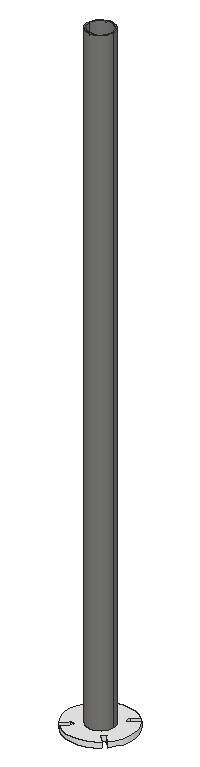
Revit family "BD4STLS8", category Generic Models, Revit 2014
Parameters
  STEEL POLE = Steel
  CAST BASE = Aluminum 5005
Reference planes (in)
  plane 1 "Center (Front/Back)": y = 0
  plane 2: z = 0
  plane 3 "Center (Left/Right)": x = 0
Forms (in)
  Extrusion 1, solid, material "Aluminum 5005" <- "CAST BASE"
    sketch origin (0, -7.30086, 1.30086) x (1, 0, 0) y (0, 1, 0)
      loop
        line (-3.21609, 11.04728) -> (-2.2981, 10.12928)
        arc (-2.2981, 10.12928) -> (-2.2981, 9.59895) -> (-2.82843, 9.59895) r 0.375
        line (-2.82843, 9.59895) -> (-3.74642, 10.51695)
        arc (-3.74642, 10.51695) -> (-4.9375, 7.30086) -> (-3.74642, 4.08477) r 4.9375
        line (-3.74642, 4.08477) -> (-2.82843, 5.00276)
        arc (-2.82843, 5.00276) -> (-2.2981, 5.00276) -> (-2.2981, 4.47243) r 0.375
        line (-2.2981, 4.47243) -> (-3.21609, 3.55444)
        arc (-3.21609, 3.55444) -> (0, 2.36336) -> (3.21609, 3.55444) r 4.9375
        line (3.21609, 3.55444) -> (2.2981, 4.47243)
        arc (2.2981, 4.47243) -> (2.2981, 5.00276) -> (2.82843, 5.00276) r 0.375
        line (2.82843, 5.00276) -> (3.74642, 4.08477)
        arc (3.74642, 4.08477) -> (4.9375, 7.30086) -> (3.74642, 10.51695) r 4.9375
        line (3.74642, 10.51695) -> (2.82843, 9.59895)
        arc (2.82843, 9.59895) -> (2.2981, 9.59895) -> (2.2981, 10.12928) r 0.375
        line (2.2981, 10.12928) -> (3.21609, 11.04728)
        arc (3.21609, 11.04728) -> (0, 12.23836) -> (-3.21609, 11.04728) r 4.9375
      loop
        circle (0, 7.30086) r 2
    from -1.30086 to -0.55086
  Extrusion 2, solid, material "Steel" <- "STEEL POLE"
    sketch origin (0, -7.30086, 1.30086) x (1, 0, 0) y (0, 1, 0)
      loop
        circle (0, 7.30086) r 2
      loop
        circle (0, 7.30086) r 1.8125
    from -1.30086 to 94.69914
Dimensions and locks (in)
  aligned and locked: plane 2 to level
